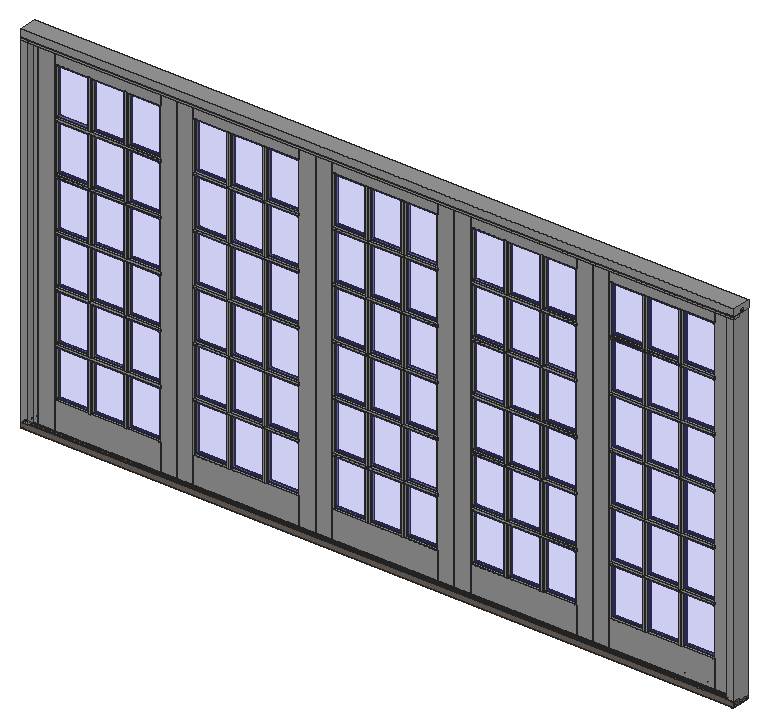
Revit family "VSFA 4190 SP LH", category Doors, host Wall, Revit 2015
Parameters (values of type "VSFA 4190 SP LH")
  Function = Interior
  Frame Projection Ext. = 25 mm
  Frame Projection Int. = 25 mm
  Frame Width = 75 mm
  Height = 2100 mm
  Wall Closure = By host
  Width = 4190 mm
Reference planes
  plane 1: y = 0
  plane 2 "Center (Left/Right)": x = 0
  plane 3 "Left": x = -2095
  plane 4 "Right": x = 2095
  plane 5: z = 2100
  plane 6 "Exterior": y = 75
  plane 7 "Interior": y = -75
  plane 8: x = -1206
  plane 9: x = 1236
  plane 10: x = -1205
  plane 11: x = -391
  plane 12: x = 422
  plane 13: x = -392
  plane 14: x = 423
  plane 15: x = 1237
Forms (mm)
  Extrusion 1, solid, material "Aluminium Cill (Bronze)"
    sketch origin (0, 79.18, -119.746) x (0, 1, 0) y (0, 0, 1)
      loop
        line (-26.68, 120.746) -> (-26.68, 135.746)
        arc (-26.68, 135.746) -> (-27.558, 137.867) -> (-29.68, 138.746) r 3
        line (-29.68, 138.746) -> (-40.947, 138.746)
        arc (-40.947, 138.746) -> (-42.68, 137.746) -> (-44.412, 138.746) r 2
        line (-44.412, 138.746) -> (-48.947, 138.746)
        arc (-48.947, 138.746) -> (-50.68, 137.746) -> (-52.412, 138.746) r 2
        line (-52.412, 138.746) -> (-56.947, 138.746)
        arc (-56.947, 138.746) -> (-58.68, 137.746) -> (-60.412, 138.746) r 2
        line (-60.412, 138.746) -> (-67.18, 138.746) -> (-67.18, 135.246)
        arc (-67.18, 135.246) -> (-67.619, 134.185) -> (-68.68, 133.746) r 1.5
        line (-68.68, 133.746) -> (-73.43, 133.746) -> (-73.43, 135.746) -> (-71.996, 135.746)
        arc (-71.996, 135.746) -> (-74.68, 138.746) -> (-77.363, 135.746) r 2.7
        line (-77.363, 135.746) -> (-75.93, 135.746) -> (-75.93, 133.746) -> (-80.68, 133.746)
        arc (-80.68, 133.746) -> (-81.74, 134.185) -> (-82.18, 135.246) r 1.5
        line (-82.18, 135.246) -> (-82.18, 138.746) -> (-90.432, 138.746) -> (-98.68, 138.746) -> (-98.68, 143.746)
        arc (-98.68, 143.746) -> (-99.18, 144.246) -> (-99.68, 143.746) r 0.5
        line (-99.68, 143.746) -> (-99.68, 142.734) -> (-100.88, 142.734) -> (-100.88, 150.246) -> (-99.68, 150.246) -> (-99.68, 149.246)
        arc (-99.68, 149.246) -> (-99.18, 148.746) -> (-98.68, 149.246) r 0.5
        line (-98.68, 149.246) -> (-98.68, 150.746)
        arc (-98.68, 150.746) -> (-98.972, 151.453) -> (-99.68, 151.746) r 1
        line (-99.68, 151.746) -> (-109.447, 151.746)
        arc (-109.447, 151.746) -> (-111.18, 150.746) -> (-112.912, 151.746) r 2
        line (-112.912, 151.746) -> (-117.447, 151.746)
        arc (-117.447, 151.746) -> (-119.18, 150.746) -> (-120.912, 151.746) r 2
        line (-120.912, 151.746) -> (-130.68, 151.746)
        arc (-130.68, 151.746) -> (-131.387, 151.453) -> (-131.68, 150.746) r 1
        line (-131.68, 150.746) -> (-131.68, 120.746)
        arc (-131.68, 120.746) -> (-131.387, 120.039) -> (-130.68, 119.746) r 1
        line (-130.68, 119.746) -> (-27.68, 119.746)
        arc (-27.68, 119.746) -> (-26.972, 120.039) -> (-26.68, 120.746) r 1
      loop
        line (-29.68, 137.246) -> (-40.23, 137.246)
        arc (-40.23, 137.246) -> (-42.68, 136.246) -> (-45.129, 137.246) r 3.5
        line (-45.129, 137.246) -> (-48.23, 137.246)
        arc (-48.23, 137.246) -> (-50.68, 136.246) -> (-53.129, 137.246) r 3.5
        line (-53.129, 137.246) -> (-56.23, 137.246)
        arc (-56.23, 137.246) -> (-58.68, 136.246) -> (-61.129, 137.246) r 3.5
        line (-61.129, 137.246) -> (-65.68, 137.246) -> (-65.68, 135.246)
        arc (-65.68, 135.246) -> (-66.558, 133.125) -> (-68.68, 132.246) r 3
        line (-68.68, 132.246) -> (-73.93, 132.246) -> (-73.93, 121.246) -> (-28.18, 121.246) -> (-28.18, 135.746)
        arc (-28.18, 135.746) -> (-28.619, 136.807) -> (-29.68, 137.246) r 1.5
      loop
        line (-75.43, 132.246) -> (-80.68, 132.246)
        arc (-80.68, 132.246) -> (-82.801, 133.125) -> (-83.68, 135.246) r 3
        line (-83.68, 135.246) -> (-83.68, 137.246) -> (-98.68, 137.246) -> (-98.68, 121.246) -> (-75.43, 121.246) -> (-75.43, 132.246)
      loop
        line (-100.18, 121.246) -> (-100.18, 141.246) -> (-102.38, 141.246) -> (-102.38, 150.246) -> (-108.73, 150.246)
        arc (-108.73, 150.246) -> (-111.18, 149.246) -> (-113.629, 150.246) r 3.5
        line (-113.629, 150.246) -> (-116.73, 150.246)
        arc (-116.73, 150.246) -> (-119.18, 149.246) -> (-121.629, 150.246) r 3.5
        line (-121.629, 150.246) -> (-130.18, 150.246) -> (-130.18, 121.246) -> (-100.18, 121.246)
    from -2095 to 2095
  Extrusion 2, solid, material "Lauan, Meranti"
    sketch origin (122.148, 0, 0) x (0, 1, 0) y (0, 0, -1)
      loop
        line (52.5, -2100) -> (52.5, -2055) -> (15.5, -2055) -> (15.5, -2075) -> (-6.5, -2075) -> (-6.5, -2055) -> (-52.5, -2055) -> (-52.5, -2100) -> (52.5, -2100)
    from -1972.852 to 2217.148
  Extrusion 3, solid, material "Lauan, Meranti"
    sketch origin (-2.986, 0, 0) x (0, 1, 0) y (0, 0, -1)
      loop
        line (-52.5, -2052) -> (-49.5, -2052) -> (-49.5, -2055) -> (-20.5, -2055) -> (-20.5, -2048.5) -> (-27.5, -2048.5) -> (-27.5, -2045.5) -> (-20.5, -2045.5) -> (-20.5, -2042) -> (-52.5, -2042) -> (-52.5, -2052)
    from -2097.986 to 2092.014
  Extrusion 4, solid, material "Steel, Chrome Plated"
    sketch origin (-129.456, -1.5, 0) x (0, 1, 0) y (0, 0, 1)
      loop
        line (16.5, 2075) -> (-4.5, 2075) -> (-4.5, 2055) -> (-2.3, 2055) -> (-2.3, 2072.8) -> (14.3, 2072.8) -> (14.3, 2055) -> (16.5, 2055) -> (16.5, 2075)
    from -1965.544 to 2224.456
  Extrusion 5, solid, material "Lauan, Meranti"
    sketch origin (1430, 0, 0) x (-1, 0, 0) y (0, -1, 0)
      loop
        line (-665, -52.5) -> (-632, -52.5) -> (-632, -24.5) -> (-620, -24.5) -> (-620, 52.5) -> (-665, 52.5) -> (-665, -52.5)
    from 32 to 2055
  Extrusion 6, solid, material "Lauan, Meranti"
    sketch origin (1430, 0, 0) x (-1, 0, 0) y (0, -1, 0)
      loop
        line (-665, -52.5) -> (-632, -52.5) -> (-632, -24.5) -> (-620, -24.5) -> (-620, 19.5) -> (-665, 19.5) -> (-665, -52.5)
    from 19 to 32
  Extrusion 7, solid, material "Lauan, Meranti"
    sketch origin (-1430, 0, 0) x (-1, 0, 0) y (0, -1, 0)
      loop
        line (665, 52.5) -> (620, 52.5) -> (620, 16.5) -> (665, 16.5) -> (665, 52.5)
      loop
        line (665, -52.5) -> (665, -25.5) -> (620, -25.5) -> (620, -52.5) -> (665, -52.5)
      loop
        line (590, -24.5) -> (635, -24.5) -> (635, -14.5) -> (610, -14.5) -> (610, 5.5) -> (635, 5.5) -> (635, 15.5) -> (590, 15.5) -> (590, -24.5)
    from 32 to 2055
  Extrusion 8, solid, material "Lauan, Meranti"
    sketch origin (-1430, 0, 0) x (-1, 0, 0) y (0, -1, 0)
      loop
        line (620, -52.5) -> (665, -52.5) -> (665, -25.5) -> (620, -25.5) -> (620, -52.5)
      loop
        line (635, -24.5) -> (635, -14.5) -> (610, -14.5) -> (610, 5.5) -> (635, 5.5) -> (635, 15.5) -> (590, 15.5) -> (590, -24.5) -> (635, -24.5)
    from 19 to 32
  Extrusion 9, solid, material "Lauan, Meranti"
    sketch origin (-711, 0, 0) x (-1, 0, 0) y (0, -1, 0)
      loop
        line (-1133, 15.5) -> (-1133, -24.5) -> (-1037, -24.5) -> (-1037, 5.5) -> (-1028, 5.5) -> (-1028, 7.5) -> (-1030, 7.5)
        arc (-1030, 7.5) -> (-1032.265, 11.94) -> (-1037, 13.5) r 6.549
        line (-1037, 13.5) -> (-1037, 15.5) -> (-1133, 15.5)
      loop
        line (-320, 15.5) -> (-416, 15.5) -> (-416, 13.5)
        arc (-416, 13.5) -> (-420.735, 11.94) -> (-423, 7.5) r 6.549
        line (-423, 7.5) -> (-425, 7.5) -> (-425, 5.5) -> (-416, 5.5) -> (-416, -24.5) -> (-320, -24.5) -> (-320, 15.5)
    from 19 to 2055
  Extrusion 10, solid, material "Lauan, Meranti"
    sketch origin (103, 0, 0) x (-1, 0, 0) y (0, -1, 0)
      loop
        line (-1133, 15.5) -> (-1133, -24.5) -> (-1037, -24.5) -> (-1037, 5.5) -> (-1028, 5.5) -> (-1028, 7.5) -> (-1030, 7.5)
        arc (-1030, 7.5) -> (-1032.265, 11.94) -> (-1037, 13.5) r 6.549
        line (-1037, 13.5) -> (-1037, 15.5) -> (-1133, 15.5)
      loop
        line (-320, 15.5) -> (-416, 15.5) -> (-416, 13.5)
        arc (-416, 13.5) -> (-420.735, 11.94) -> (-423, 7.5) r 6.549
        line (-423, 7.5) -> (-425, 7.5) -> (-425, 5.5) -> (-416, 5.5) -> (-416, -24.5) -> (-320, -24.5) -> (-320, 15.5)
    from 19 to 2055
  Extrusion 11, solid, material "Lauan, Meranti"
    sketch origin (-1525, 0, 0) x (-1, 0, 0) y (0, -1, 0)
      loop
        line (-1133, 15.5) -> (-1133, -24.5) -> (-1037, -24.5) -> (-1037, 5.5) -> (-1028, 5.5) -> (-1028, 7.5) -> (-1030, 7.5)
        arc (-1030, 7.5) -> (-1032.265, 11.94) -> (-1037, 13.5) r 6.549
        line (-1037, 13.5) -> (-1037, 15.5) -> (-1133, 15.5)
      loop
        line (-320, 15.5) -> (-416, 15.5) -> (-416, 13.5)
        arc (-416, 13.5) -> (-420.735, 11.94) -> (-423, 7.5) r 6.549
        line (-423, 7.5) -> (-425, 7.5) -> (-425, 5.5) -> (-416, 5.5) -> (-416, -24.5) -> (-320, -24.5) -> (-320, 15.5)
    from 19 to 2055
  Extrusion 12, solid, material "Lauan, Meranti"
    sketch origin (-2339, 0, 0) x (-1, 0, 0) y (0, -1, 0)
      loop
        line (-1133, 15.5) -> (-1133, -24.5) -> (-1037, -24.5) -> (-1037, 5.5) -> (-1028, 5.5) -> (-1028, 7.5) -> (-1030, 7.5)
        arc (-1030, 7.5) -> (-1032.265, 11.94) -> (-1037, 13.5) r 6.549
        line (-1037, 13.5) -> (-1037, 15.5) -> (-1133, 15.5)
      loop
        line (-320, 15.5) -> (-416, 15.5) -> (-416, 13.5)
        arc (-416, 13.5) -> (-420.735, 11.94) -> (-423, 7.5) r 6.549
        line (-423, 7.5) -> (-425, 7.5) -> (-425, 5.5) -> (-416, 5.5) -> (-416, -24.5) -> (-320, -24.5) -> (-320, 15.5)
    from 19 to 2055
  Extrusion 13, solid, material "Lauan, Meranti"
    sketch origin (917, 0, 0) x (-1, 0, 0) y (0, -1, 0)
      loop
        line (-1133, 15.5) -> (-1133, -24.5) -> (-1037, -24.5) -> (-1037, 5.5) -> (-1028, 5.5) -> (-1028, 7.5) -> (-1030, 7.5)
        arc (-1030, 7.5) -> (-1032.265, 11.94) -> (-1037, 13.5) r 6.549
        line (-1037, 13.5) -> (-1037, 15.5) -> (-1133, 15.5)
      loop
        line (-320, 15.5) -> (-416, 15.5) -> (-416, 13.5)
        arc (-416, 13.5) -> (-420.735, 11.94) -> (-423, 7.5) r 6.549
        line (-423, 7.5) -> (-425, 7.5) -> (-425, 5.5) -> (-416, 5.5) -> (-416, -24.5) -> (-320, -24.5) -> (-320, 15.5)
    from 19 to 2055
  Extrusion 14, solid, material "Lauan, Meranti"
    sketch origin (-1471.235, 0, 0) x (0, 1, 0) y (0, 0, -1)
      loop
        line (-15.5, -190) -> (-13.5, -190)
        arc (-13.5, -190) -> (-11.866, -194.67) -> (-7.5, -197) r 6.807
        line (-7.5, -197) -> (-7.5, -199) -> (-5.5, -199) -> (-5.5, -190) -> (24.5, -190) -> (24.5, -19) -> (-15.5, -19) -> (-15.5, -190)
      loop
        arc (-7.5, -1952) -> (-11.866, -1954.33) -> (-13.5, -1959) r 6.807
        line (-13.5, -1959) -> (-15.5, -1959) -> (-15.5, -2055) -> (24.5, -2055) -> (24.5, -1959) -> (-5.5, -1959) -> (-5.5, -1950) -> (-7.5, -1950) -> (-7.5, -1952)
      loop
        line (-15.5, -1675) -> (-13.5, -1675)
        arc (-13.5, -1675) -> (-11.866, -1679.67) -> (-7.5, -1682) r 6.807
        line (-7.5, -1682) -> (-7.5, -1684) -> (-5.5, -1684) -> (-5.5, -1675) -> (24.5, -1675) -> (24.5, -1662) -> (-5.5, -1662) -> (-5.5, -1653) -> (-7.5, -1653) -> (-7.5, -1655)
        arc (-7.5, -1655) -> (-11.866, -1657.33) -> (-13.5, -1662) r 6.807
        line (-13.5, -1662) -> (-15.5, -1662) -> (-15.5, -1675)
      loop
        line (-15.5, -1378) -> (-13.5, -1378)
        arc (-13.5, -1378) -> (-11.866, -1382.67) -> (-7.5, -1385) r 6.807
        line (-7.5, -1385) -> (-7.5, -1387) -> (-5.5, -1387) -> (-5.5, -1378) -> (24.5, -1378) -> (24.5, -1365) -> (-5.5, -1365) -> (-5.5, -1356) -> (-7.5, -1356) -> (-7.5, -1358)
        arc (-7.5, -1358) -> (-11.866, -1360.33) -> (-13.5, -1365) r 6.807
        line (-13.5, -1365) -> (-15.5, -1365) -> (-15.5, -1378)
      loop
        line (-15.5, -1081) -> (-13.5, -1081)
        arc (-13.5, -1081) -> (-11.866, -1085.67) -> (-7.5, -1088) r 6.807
        line (-7.5, -1088) -> (-7.5, -1090) -> (-5.5, -1090) -> (-5.5, -1081) -> (24.5, -1081) -> (24.5, -1068) -> (-5.5, -1068) -> (-5.5, -1059) -> (-7.5, -1059) -> (-7.5, -1061)
        arc (-7.5, -1061) -> (-11.866, -1063.33) -> (-13.5, -1068) r 6.807
        line (-13.5, -1068) -> (-15.5, -1068) -> (-15.5, -1081)
      loop
        line (-15.5, -784) -> (-13.5, -784)
        arc (-13.5, -784) -> (-11.866, -788.67) -> (-7.5, -791) r 6.807
        line (-7.5, -791) -> (-7.5, -793) -> (-5.5, -793) -> (-5.5, -784) -> (24.5, -784) -> (24.5, -771) -> (-5.5, -771) -> (-5.5, -762) -> (-7.5, -762) -> (-7.5, -764)
        arc (-7.5, -764) -> (-11.866, -766.33) -> (-13.5, -771) r 6.807
        line (-13.5, -771) -> (-15.5, -771) -> (-15.5, -784)
      loop
        line (-15.5, -487) -> (-13.5, -487)
        arc (-13.5, -487) -> (-11.866, -491.67) -> (-7.5, -494) r 6.807
        line (-7.5, -494) -> (-7.5, -496) -> (-5.5, -496) -> (-5.5, -487) -> (24.5, -487) -> (24.5, -474) -> (-5.5, -474) -> (-5.5, -465) -> (-7.5, -465) -> (-7.5, -467)
        arc (-7.5, -467) -> (-11.866, -469.33) -> (-13.5, -474) r 6.807
        line (-13.5, -474) -> (-15.5, -474) -> (-15.5, -487)
    from -169.235 to 451.765
  Extrusion 15, solid, material "Glass"
    sketch origin (-1447.808, -110.55, -763.769) x (-1, 0, 0) y (0, 0, -1)
      loop
        line (-145.808, -2722.769) -> (52.532, -2722.769) -> (52.532, -2438.757) -> (-145.808, -2438.757) -> (-145.808, -2722.769)
      loop
        line (65.532, -2722.769) -> (263.872, -2722.769) -> (263.872, -2438.757) -> (65.532, -2438.757) -> (65.532, -2722.769)
      loop
        line (276.872, -2722.769) -> (475.212, -2722.769) -> (475.212, -2438.757) -> (276.872, -2438.757) -> (276.872, -2722.769)
      loop
        line (-145.808, -2425.769) -> (52.532, -2425.769) -> (52.532, -2141.757) -> (-145.808, -2141.757) -> (-145.808, -2425.769)
      loop
        line (65.532, -2425.769) -> (263.872, -2425.769) -> (263.872, -2141.757) -> (65.532, -2141.757) -> (65.532, -2425.769)
      loop
        line (276.872, -2425.769) -> (475.212, -2425.769) -> (475.212, -2141.757) -> (276.872, -2141.757) -> (276.872, -2425.769)
      loop
        line (-145.808, -2128.769) -> (52.532, -2128.769) -> (52.532, -1844.757) -> (-145.808, -1844.757) -> (-145.808, -2128.769)
      loop
        line (65.532, -2128.769) -> (263.872, -2128.769) -> (263.872, -1844.757) -> (65.532, -1844.757) -> (65.532, -2128.769)
      loop
        line (276.872, -2128.769) -> (475.212, -2128.769) -> (475.212, -1844.757) -> (276.872, -1844.757) -> (276.872, -2128.769)
      loop
        line (-145.808, -1831.769) -> (52.532, -1831.769) -> (52.532, -1547.757) -> (-145.808, -1547.757) -> (-145.808, -1831.769)
      loop
        line (65.532, -1831.769) -> (263.872, -1831.769) -> (263.872, -1547.757) -> (65.532, -1547.757) -> (65.532, -1831.769)
      loop
        line (276.872, -1831.769) -> (475.212, -1831.769) -> (475.212, -1547.757) -> (276.872, -1547.757) -> (276.872, -1831.769)
      loop
        line (-145.808, -1534.769) -> (52.532, -1534.769) -> (52.532, -1250.757) -> (-145.808, -1250.757) -> (-145.808, -1534.769)
      loop
        line (65.532, -1534.769) -> (263.872, -1534.769) -> (263.872, -1250.757) -> (65.532, -1250.757) -> (65.532, -1534.769)
      loop
        line (276.872, -1534.769) -> (475.212, -1534.769) -> (475.212, -1250.757) -> (276.872, -1250.757) -> (276.872, -1534.769)
      loop
        line (-145.808, -1237.769) -> (52.532, -1237.769) -> (52.532, -953.757) -> (-145.808, -953.757) -> (-145.808, -1237.769)
      loop
        line (65.532, -1237.769) -> (263.872, -1237.769) -> (263.872, -953.757) -> (65.532, -953.757) -> (65.532, -1237.769)
      loop
        line (276.872, -1237.769) -> (475.212, -1237.769) -> (475.212, -953.757) -> (276.872, -953.757) -> (276.872, -1237.769)
    from -112.5 to -106.1
  Extrusion 16, solid, material "Lauan, Meranti"
    sketch origin (-916, 0, 1484.988) x (-1, 0, 0) y (0, -1, 0)
      loop
        line (597.34, 15.5) -> (584.34, 15.5) -> (584.34, 13.5)
        arc (584.34, 13.5) -> (579.67, 11.866) -> (577.34, 7.5) r 6.807
        line (577.34, 7.5) -> (575.34, 7.5) -> (575.34, 5.5) -> (584.34, 5.5) -> (584.34, -24.5) -> (597.34, -24.5) -> (597.34, 5.5) -> (606.34, 5.5) -> (606.34, 7.5) -> (604.34, 7.5)
        arc (604.34, 7.5) -> (602.01, 11.866) -> (597.34, 13.5) r 6.807
        line (597.34, 13.5) -> (597.34, 15.5)
      loop
        line (808.68, 15.5) -> (795.68, 15.5) -> (795.68, 13.5)
        arc (795.68, 13.5) -> (791.01, 11.866) -> (788.68, 7.5) r 6.807
        line (788.68, 7.5) -> (786.68, 7.5) -> (786.68, 5.5) -> (795.68, 5.5) -> (795.68, -24.5) -> (808.68, -24.5) -> (808.68, 5.5) -> (817.68, 5.5) -> (817.68, 7.5) -> (815.68, 7.5)
        arc (815.68, 7.5) -> (813.35, 11.866) -> (808.68, 13.5) r 6.807
        line (808.68, 13.5) -> (808.68, 15.5)
    from 190 to 474
  Sweep 17, solid, material "Lauan, Meranti"
    path origin (-963.388, -75, 232.716) x (-1, 0, 0) y (0, 0, -1)
      loop
        line (338.612, -1726.284) -> (536.952, -1726.284) -> (536.952, -1442.272) -> (338.612, -1442.272) -> (338.612, -1726.284)
    profile origin (-1401.17, -75, 1959) x (0, 0, -1) y (0, -1, 0)
      loop
        line (9, -78) -> (0, -78) -> (0, -86)
        arc (0, -86) -> (4.67, -84.366) -> (7, -80) r 6.807
        line (7, -80) -> (9, -80) -> (9, -78)
  Sweep 18, solid, material "Lauan, Meranti"
    path origin (-1174.728, -75, 232.716) x (-1, 0, 0) y (0, 0, -1)
      loop
        line (338.612, -1726.284) -> (536.952, -1726.284) -> (536.952, -1442.272) -> (338.612, -1442.272) -> (338.612, -1726.284)
    profile origin (-1612.51, -75, 1959) x (0, 0, -1) y (0, -1, 0)
      loop
        line (9, -78) -> (0, -78) -> (0, -86)
        arc (0, -86) -> (4.67, -84.366) -> (7, -80) r 6.807
        line (7, -80) -> (9, -80) -> (9, -78)
  Sweep 19, solid, material "Lauan, Meranti"
    path origin (-1386.068, -75, 232.716) x (-1, 0, 0) y (0, 0, -1)
      loop
        line (338.612, -1726.284) -> (536.952, -1726.284) -> (536.952, -1442.272) -> (338.612, -1442.272) -> (338.612, -1726.284)
    profile origin (-1823.85, -75, 1959) x (0, 0, -1) y (0, -1, 0)
      loop
        line (9, -78) -> (0, -78) -> (0, -86)
        arc (0, -86) -> (4.67, -84.366) -> (7, -80) r 6.807
        line (7, -80) -> (9, -80) -> (9, -78)
  Extrusion 20, solid, material "Lauan, Meranti"
    sketch origin (-916, 0, 1187.988) x (-1, 0, 0) y (0, -1, 0)
      loop
        line (597.34, 15.5) -> (584.34, 15.5) -> (584.34, 13.5)
        arc (584.34, 13.5) -> (579.67, 11.866) -> (577.34, 7.5) r 6.807
        line (577.34, 7.5) -> (575.34, 7.5) -> (575.34, 5.5) -> (584.34, 5.5) -> (584.34, -24.5) -> (597.34, -24.5) -> (597.34, 5.5) -> (606.34, 5.5) -> (606.34, 7.5) -> (604.34, 7.5)
        arc (604.34, 7.5) -> (602.01, 11.866) -> (597.34, 13.5) r 6.807
        line (597.34, 13.5) -> (597.34, 15.5)
      loop
        line (808.68, 15.5) -> (795.68, 15.5) -> (795.68, 13.5)
        arc (795.68, 13.5) -> (791.01, 11.866) -> (788.68, 7.5) r 6.807
        line (788.68, 7.5) -> (786.68, 7.5) -> (786.68, 5.5) -> (795.68, 5.5) -> (795.68, -24.5) -> (808.68, -24.5) -> (808.68, 5.5) -> (817.68, 5.5) -> (817.68, 7.5) -> (815.68, 7.5)
        arc (815.68, 7.5) -> (813.35, 11.866) -> (808.68, 13.5) r 6.807
        line (808.68, 13.5) -> (808.68, 15.5)
    from 190 to 474
  Sweep 21, solid, material "Lauan, Meranti"
    path origin (-963.388, -75, -64.284) x (-1, 0, 0) y (0, 0, -1)
      loop
        line (338.612, -1726.284) -> (536.952, -1726.284) -> (536.952, -1442.272) -> (338.612, -1442.272) -> (338.612, -1726.284)
    profile origin (-1401.17, -75, 1662) x (0, 0, -1) y (0, -1, 0)
      loop
        line (9, -78) -> (0, -78) -> (0, -86)
        arc (0, -86) -> (4.67, -84.366) -> (7, -80) r 6.807
        line (7, -80) -> (9, -80) -> (9, -78)
  Sweep 22, solid, material "Lauan, Meranti"
    path origin (-1174.728, -75, -64.284) x (-1, 0, 0) y (0, 0, -1)
      loop
        line (338.612, -1726.284) -> (536.952, -1726.284) -> (536.952, -1442.272) -> (338.612, -1442.272) -> (338.612, -1726.284)
    profile origin (-1612.51, -75, 1662) x (0, 0, -1) y (0, -1, 0)
      loop
        line (9, -78) -> (0, -78) -> (0, -86)
        arc (0, -86) -> (4.67, -84.366) -> (7, -80) r 6.807
        line (7, -80) -> (9, -80) -> (9, -78)
  Sweep 23, solid, material "Lauan, Meranti"
    path origin (-1386.068, -75, -64.284) x (-1, 0, 0) y (0, 0, -1)
      loop
        line (338.612, -1726.284) -> (536.952, -1726.284) -> (536.952, -1442.272) -> (338.612, -1442.272) -> (338.612, -1726.284)
    profile origin (-1823.85, -75, 1662) x (0, 0, -1) y (0, -1, 0)
      loop
        line (9, -78) -> (0, -78) -> (0, -86)
        arc (0, -86) -> (4.67, -84.366) -> (7, -80) r 6.807
        line (7, -80) -> (9, -80) -> (9, -78)
  Extrusion 24, solid, material "Lauan, Meranti"
    sketch origin (-916, 0, 890.988) x (-1, 0, 0) y (0, -1, 0)
      loop
        line (597.34, 15.5) -> (584.34, 15.5) -> (584.34, 13.5)
        arc (584.34, 13.5) -> (579.67, 11.866) -> (577.34, 7.5) r 6.807
        line (577.34, 7.5) -> (575.34, 7.5) -> (575.34, 5.5) -> (584.34, 5.5) -> (584.34, -24.5) -> (597.34, -24.5) -> (597.34, 5.5) -> (606.34, 5.5) -> (606.34, 7.5) -> (604.34, 7.5)
        arc (604.34, 7.5) -> (602.01, 11.866) -> (597.34, 13.5) r 6.807
        line (597.34, 13.5) -> (597.34, 15.5)
      loop
        line (808.68, 15.5) -> (795.68, 15.5) -> (795.68, 13.5)
        arc (795.68, 13.5) -> (791.01, 11.866) -> (788.68, 7.5) r 6.807
        line (788.68, 7.5) -> (786.68, 7.5) -> (786.68, 5.5) -> (795.68, 5.5) -> (795.68, -24.5) -> (808.68, -24.5) -> (808.68, 5.5) -> (817.68, 5.5) -> (817.68, 7.5) -> (815.68, 7.5)
        arc (815.68, 7.5) -> (813.35, 11.866) -> (808.68, 13.5) r 6.807
        line (808.68, 13.5) -> (808.68, 15.5)
    from 190 to 474
  Sweep 25, solid, material "Lauan, Meranti"
    path origin (-963.388, -75, -361.284) x (-1, 0, 0) y (0, 0, -1)
      loop
        line (338.612, -1726.284) -> (536.952, -1726.284) -> (536.952, -1442.272) -> (338.612, -1442.272) -> (338.612, -1726.284)
    profile origin (-1401.17, -75, 1365) x (0, 0, -1) y (0, -1, 0)
      loop
        line (9, -78) -> (0, -78) -> (0, -86)
        arc (0, -86) -> (4.67, -84.366) -> (7, -80) r 6.807
        line (7, -80) -> (9, -80) -> (9, -78)
  Sweep 26, solid, material "Lauan, Meranti"
    path origin (-1174.728, -75, -361.284) x (-1, 0, 0) y (0, 0, -1)
      loop
        line (338.612, -1726.284) -> (536.952, -1726.284) -> (536.952, -1442.272) -> (338.612, -1442.272) -> (338.612, -1726.284)
    profile origin (-1612.51, -75, 1365) x (0, 0, -1) y (0, -1, 0)
      loop
        line (9, -78) -> (0, -78) -> (0, -86)
        arc (0, -86) -> (4.67, -84.366) -> (7, -80) r 6.807
        line (7, -80) -> (9, -80) -> (9, -78)
  Sweep 27, solid, material "Lauan, Meranti"
    path origin (-1386.068, -75, -361.284) x (-1, 0, 0) y (0, 0, -1)
      loop
        line (338.612, -1726.284) -> (536.952, -1726.284) -> (536.952, -1442.272) -> (338.612, -1442.272) -> (338.612, -1726.284)
    profile origin (-1823.85, -75, 1365) x (0, 0, -1) y (0, -1, 0)
      loop
        line (9, -78) -> (0, -78) -> (0, -86)
        arc (0, -86) -> (4.67, -84.366) -> (7, -80) r 6.807
        line (7, -80) -> (9, -80) -> (9, -78)
  Extrusion 28, solid, material "Lauan, Meranti"
    sketch origin (-916, 0, 593.988) x (-1, 0, 0) y (0, -1, 0)
      loop
        line (597.34, 15.5) -> (584.34, 15.5) -> (584.34, 13.5)
        arc (584.34, 13.5) -> (579.67, 11.866) -> (577.34, 7.5) r 6.807
        line (577.34, 7.5) -> (575.34, 7.5) -> (575.34, 5.5) -> (584.34, 5.5) -> (584.34, -24.5) -> (597.34, -24.5) -> (597.34, 5.5) -> (606.34, 5.5) -> (606.34, 7.5) -> (604.34, 7.5)
        arc (604.34, 7.5) -> (602.01, 11.866) -> (597.34, 13.5) r 6.807
        line (597.34, 13.5) -> (597.34, 15.5)
      loop
        line (808.68, 15.5) -> (795.68, 15.5) -> (795.68, 13.5)
        arc (795.68, 13.5) -> (791.01, 11.866) -> (788.68, 7.5) r 6.807
        line (788.68, 7.5) -> (786.68, 7.5) -> (786.68, 5.5) -> (795.68, 5.5) -> (795.68, -24.5) -> (808.68, -24.5) -> (808.68, 5.5) -> (817.68, 5.5) -> (817.68, 7.5) -> (815.68, 7.5)
        arc (815.68, 7.5) -> (813.35, 11.866) -> (808.68, 13.5) r 6.807
        line (808.68, 13.5) -> (808.68, 15.5)
    from 190 to 474
  Sweep 29, solid, material "Lauan, Meranti"
    path origin (-963.388, -75, -658.284) x (-1, 0, 0) y (0, 0, -1)
      loop
        line (338.612, -1726.284) -> (536.952, -1726.284) -> (536.952, -1442.272) -> (338.612, -1442.272) -> (338.612, -1726.284)
    profile origin (-1401.17, -75, 1068) x (0, 0, -1) y (0, -1, 0)
      loop
        line (9, -78) -> (0, -78) -> (0, -86)
        arc (0, -86) -> (4.67, -84.366) -> (7, -80) r 6.807
        line (7, -80) -> (9, -80) -> (9, -78)
  Sweep 30, solid, material "Lauan, Meranti"
    path origin (-1174.728, -75, -658.284) x (-1, 0, 0) y (0, 0, -1)
      loop
        line (338.612, -1726.284) -> (536.952, -1726.284) -> (536.952, -1442.272) -> (338.612, -1442.272) -> (338.612, -1726.284)
    profile origin (-1612.51, -75, 1068) x (0, 0, -1) y (0, -1, 0)
      loop
        line (9, -78) -> (0, -78) -> (0, -86)
        arc (0, -86) -> (4.67, -84.366) -> (7, -80) r 6.807
        line (7, -80) -> (9, -80) -> (9, -78)
  Sweep 31, solid, material "Lauan, Meranti"
    path origin (-1386.068, -75, -658.284) x (-1, 0, 0) y (0, 0, -1)
      loop
        line (338.612, -1726.284) -> (536.952, -1726.284) -> (536.952, -1442.272) -> (338.612, -1442.272) -> (338.612, -1726.284)
    profile origin (-1823.85, -75, 1068) x (0, 0, -1) y (0, -1, 0)
      loop
        line (9, -78) -> (0, -78) -> (0, -86)
        arc (0, -86) -> (4.67, -84.366) -> (7, -80) r 6.807
        line (7, -80) -> (9, -80) -> (9, -78)
  Extrusion 32, solid, material "Lauan, Meranti"
    sketch origin (-916, 0, 296.988) x (-1, 0, 0) y (0, -1, 0)
      loop
        line (597.34, 15.5) -> (584.34, 15.5) -> (584.34, 13.5)
        arc (584.34, 13.5) -> (579.67, 11.866) -> (577.34, 7.5) r 6.807
        line (577.34, 7.5) -> (575.34, 7.5) -> (575.34, 5.5) -> (584.34, 5.5) -> (584.34, -24.5) -> (597.34, -24.5) -> (597.34, 5.5) -> (606.34, 5.5) -> (606.34, 7.5) -> (604.34, 7.5)
        arc (604.34, 7.5) -> (602.01, 11.866) -> (597.34, 13.5) r 6.807
        line (597.34, 13.5) -> (597.34, 15.5)
      loop
        line (808.68, 15.5) -> (795.68, 15.5) -> (795.68, 13.5)
        arc (795.68, 13.5) -> (791.01, 11.866) -> (788.68, 7.5) r 6.807
        line (788.68, 7.5) -> (786.68, 7.5) -> (786.68, 5.5) -> (795.68, 5.5) -> (795.68, -24.5) -> (808.68, -24.5) -> (808.68, 5.5) -> (817.68, 5.5) -> (817.68, 7.5) -> (815.68, 7.5)
        arc (815.68, 7.5) -> (813.35, 11.866) -> (808.68, 13.5) r 6.807
        line (808.68, 13.5) -> (808.68, 15.5)
    from 190 to 474
  Sweep 33, solid, material "Lauan, Meranti"
    path origin (-963.388, -75, -955.284) x (-1, 0, 0) y (0, 0, -1)
      loop
        line (338.612, -1726.284) -> (536.952, -1726.284) -> (536.952, -1442.272) -> (338.612, -1442.272) -> (338.612, -1726.284)
    profile origin (-1401.17, -75, 771) x (0, 0, -1) y (0, -1, 0)
      loop
        line (9, -78) -> (0, -78) -> (0, -86)
        arc (0, -86) -> (4.67, -84.366) -> (7, -80) r 6.807
        line (7, -80) -> (9, -80) -> (9, -78)
  Sweep 34, solid, material "Lauan, Meranti"
    path origin (-1174.728, -75, -955.284) x (-1, 0, 0) y (0, 0, -1)
      loop
        line (338.612, -1726.284) -> (536.952, -1726.284) -> (536.952, -1442.272) -> (338.612, -1442.272) -> (338.612, -1726.284)
    profile origin (-1612.51, -75, 771) x (0, 0, -1) y (0, -1, 0)
      loop
        line (9, -78) -> (0, -78) -> (0, -86)
        arc (0, -86) -> (4.67, -84.366) -> (7, -80) r 6.807
        line (7, -80) -> (9, -80) -> (9, -78)
  Sweep 35, solid, material "Lauan, Meranti"
    path origin (-1386.068, -75, -955.284) x (-1, 0, 0) y (0, 0, -1)
      loop
        line (338.612, -1726.284) -> (536.952, -1726.284) -> (536.952, -1442.272) -> (338.612, -1442.272) -> (338.612, -1726.284)
    profile origin (-1823.85, -75, 771) x (0, 0, -1) y (0, -1, 0)
      loop
        line (9, -78) -> (0, -78) -> (0, -86)
        arc (0, -86) -> (4.67, -84.366) -> (7, -80) r 6.807
        line (7, -80) -> (9, -80) -> (9, -78)
  Extrusion 36, solid, material "Lauan, Meranti"
    sketch origin (-657.235, 0, 0) x (0, 1, 0) y (0, 0, -1)
      loop
        line (-15.5, -190) -> (-13.5, -190)
        arc (-13.5, -190) -> (-11.866, -194.67) -> (-7.5, -197) r 6.807
        line (-7.5, -197) -> (-7.5, -199) -> (-5.5, -199) -> (-5.5, -190) -> (24.5, -190) -> (24.5, -19) -> (-15.5, -19) -> (-15.5, -190)
      loop
        arc (-7.5, -1952) -> (-11.866, -1954.33) -> (-13.5, -1959) r 6.807
        line (-13.5, -1959) -> (-15.5, -1959) -> (-15.5, -2055) -> (24.5, -2055) -> (24.5, -1959) -> (-5.5, -1959) -> (-5.5, -1950) -> (-7.5, -1950) -> (-7.5, -1952)
      loop
        line (-15.5, -1675) -> (-13.5, -1675)
        arc (-13.5, -1675) -> (-11.866, -1679.67) -> (-7.5, -1682) r 6.807
        line (-7.5, -1682) -> (-7.5, -1684) -> (-5.5, -1684) -> (-5.5, -1675) -> (24.5, -1675) -> (24.5, -1662) -> (-5.5, -1662) -> (-5.5, -1653) -> (-7.5, -1653) -> (-7.5, -1655)
        arc (-7.5, -1655) -> (-11.866, -1657.33) -> (-13.5, -1662) r 6.807
        line (-13.5, -1662) -> (-15.5, -1662) -> (-15.5, -1675)
      loop
        line (-15.5, -1378) -> (-13.5, -1378)
        arc (-13.5, -1378) -> (-11.866, -1382.67) -> (-7.5, -1385) r 6.807
        line (-7.5, -1385) -> (-7.5, -1387) -> (-5.5, -1387) -> (-5.5, -1378) -> (24.5, -1378) -> (24.5, -1365) -> (-5.5, -1365) -> (-5.5, -1356) -> (-7.5, -1356) -> (-7.5, -1358)
        arc (-7.5, -1358) -> (-11.866, -1360.33) -> (-13.5, -1365) r 6.807
        line (-13.5, -1365) -> (-15.5, -1365) -> (-15.5, -1378)
      loop
        line (-15.5, -1081) -> (-13.5, -1081)
        arc (-13.5, -1081) -> (-11.866, -1085.67) -> (-7.5, -1088) r 6.807
        line (-7.5, -1088) -> (-7.5, -1090) -> (-5.5, -1090) -> (-5.5, -1081) -> (24.5, -1081) -> (24.5, -1068) -> (-5.5, -1068) -> (-5.5, -1059) -> (-7.5, -1059) -> (-7.5, -1061)
        arc (-7.5, -1061) -> (-11.866, -1063.33) -> (-13.5, -1068) r 6.807
        line (-13.5, -1068) -> (-15.5, -1068) -> (-15.5, -1081)
      loop
        line (-15.5, -784) -> (-13.5, -784)
        arc (-13.5, -784) -> (-11.866, -788.67) -> (-7.5, -791) r 6.807
        line (-7.5, -791) -> (-7.5, -793) -> (-5.5, -793) -> (-5.5, -784) -> (24.5, -784) -> (24.5, -771) -> (-5.5, -771) -> (-5.5, -762) -> (-7.5, -762) -> (-7.5, -764)
        arc (-7.5, -764) -> (-11.866, -766.33) -> (-13.5, -771) r 6.807
        line (-13.5, -771) -> (-15.5, -771) -> (-15.5, -784)
      loop
        line (-15.5, -487) -> (-13.5, -487)
        arc (-13.5, -487) -> (-11.866, -491.67) -> (-7.5, -494) r 6.807
        line (-7.5, -494) -> (-7.5, -496) -> (-5.5, -496) -> (-5.5, -487) -> (24.5, -487) -> (24.5, -474) -> (-5.5, -474) -> (-5.5, -465) -> (-7.5, -465) -> (-7.5, -467)
        arc (-7.5, -467) -> (-11.866, -469.33) -> (-13.5, -474) r 6.807
        line (-13.5, -474) -> (-15.5, -474) -> (-15.5, -487)
    from -169.235 to 451.765
  Extrusion 37, solid, material "Glass"
    sketch origin (-633.808, -110.55, -763.769) x (-1, 0, 0) y (0, 0, -1)
      loop
        line (-145.808, -2722.769) -> (52.532, -2722.769) -> (52.532, -2438.757) -> (-145.808, -2438.757) -> (-145.808, -2722.769)
      loop
        line (65.532, -2722.769) -> (263.872, -2722.769) -> (263.872, -2438.757) -> (65.532, -2438.757) -> (65.532, -2722.769)
      loop
        line (276.872, -2722.769) -> (475.212, -2722.769) -> (475.212, -2438.757) -> (276.872, -2438.757) -> (276.872, -2722.769)
      loop
        line (-145.808, -2425.769) -> (52.532, -2425.769) -> (52.532, -2141.757) -> (-145.808, -2141.757) -> (-145.808, -2425.769)
      loop
        line (65.532, -2425.769) -> (263.872, -2425.769) -> (263.872, -2141.757) -> (65.532, -2141.757) -> (65.532, -2425.769)
      loop
        line (276.872, -2425.769) -> (475.212, -2425.769) -> (475.212, -2141.757) -> (276.872, -2141.757) -> (276.872, -2425.769)
      loop
        line (-145.808, -2128.769) -> (52.532, -2128.769) -> (52.532, -1844.757) -> (-145.808, -1844.757) -> (-145.808, -2128.769)
      loop
        line (65.532, -2128.769) -> (263.872, -2128.769) -> (263.872, -1844.757) -> (65.532, -1844.757) -> (65.532, -2128.769)
      loop
        line (276.872, -2128.769) -> (475.212, -2128.769) -> (475.212, -1844.757) -> (276.872, -1844.757) -> (276.872, -2128.769)
      loop
        line (-145.808, -1831.769) -> (52.532, -1831.769) -> (52.532, -1547.757) -> (-145.808, -1547.757) -> (-145.808, -1831.769)
      loop
        line (65.532, -1831.769) -> (263.872, -1831.769) -> (263.872, -1547.757) -> (65.532, -1547.757) -> (65.532, -1831.769)
      loop
        line (276.872, -1831.769) -> (475.212, -1831.769) -> (475.212, -1547.757) -> (276.872, -1547.757) -> (276.872, -1831.769)
      loop
        line (-145.808, -1534.769) -> (52.532, -1534.769) -> (52.532, -1250.757) -> (-145.808, -1250.757) -> (-145.808, -1534.769)
      loop
        line (65.532, -1534.769) -> (263.872, -1534.769) -> (263.872, -1250.757) -> (65.532, -1250.757) -> (65.532, -1534.769)
      loop
        line (276.872, -1534.769) -> (475.212, -1534.769) -> (475.212, -1250.757) -> (276.872, -1250.757) -> (276.872, -1534.769)
      loop
        line (-145.808, -1237.769) -> (52.532, -1237.769) -> (52.532, -953.757) -> (-145.808, -953.757) -> (-145.808, -1237.769)
      loop
        line (65.532, -1237.769) -> (263.872, -1237.769) -> (263.872, -953.757) -> (65.532, -953.757) -> (65.532, -1237.769)
      loop
        line (276.872, -1237.769) -> (475.212, -1237.769) -> (475.212, -953.757) -> (276.872, -953.757) -> (276.872, -1237.769)
    from -112.5 to -106.1
  Extrusion 38, solid, material "Lauan, Meranti"
    sketch origin (-102, 0, 1484.988) x (-1, 0, 0) y (0, -1, 0)
      loop
        line (597.34, 15.5) -> (584.34, 15.5) -> (584.34, 13.5)
        arc (584.34, 13.5) -> (579.67, 11.866) -> (577.34, 7.5) r 6.807
        line (577.34, 7.5) -> (575.34, 7.5) -> (575.34, 5.5) -> (584.34, 5.5) -> (584.34, -24.5) -> (597.34, -24.5) -> (597.34, 5.5) -> (606.34, 5.5) -> (606.34, 7.5) -> (604.34, 7.5)
        arc (604.34, 7.5) -> (602.01, 11.866) -> (597.34, 13.5) r 6.807
        line (597.34, 13.5) -> (597.34, 15.5)
      loop
        line (808.68, 15.5) -> (795.68, 15.5) -> (795.68, 13.5)
        arc (795.68, 13.5) -> (791.01, 11.866) -> (788.68, 7.5) r 6.807
        line (788.68, 7.5) -> (786.68, 7.5) -> (786.68, 5.5) -> (795.68, 5.5) -> (795.68, -24.5) -> (808.68, -24.5) -> (808.68, 5.5) -> (817.68, 5.5) -> (817.68, 7.5) -> (815.68, 7.5)
        arc (815.68, 7.5) -> (813.35, 11.866) -> (808.68, 13.5) r 6.807
        line (808.68, 13.5) -> (808.68, 15.5)
    from 190 to 474
  Sweep 39, solid, material "Lauan, Meranti"
    path origin (-149.388, -75, 232.716) x (-1, 0, 0) y (0, 0, -1)
      loop
        line (338.612, -1726.284) -> (536.952, -1726.284) -> (536.952, -1442.272) -> (338.612, -1442.272) -> (338.612, -1726.284)
    profile origin (-587.17, -75, 1959) x (0, 0, -1) y (0, -1, 0)
      loop
        line (9, -78) -> (0, -78) -> (0, -86)
        arc (0, -86) -> (4.67, -84.366) -> (7, -80) r 6.807
        line (7, -80) -> (9, -80) -> (9, -78)
  Sweep 40, solid, material "Lauan, Meranti"
    path origin (-360.728, -75, 232.716) x (-1, 0, 0) y (0, 0, -1)
      loop
        line (338.612, -1726.284) -> (536.952, -1726.284) -> (536.952, -1442.272) -> (338.612, -1442.272) -> (338.612, -1726.284)
    profile origin (-798.51, -75, 1959) x (0, 0, -1) y (0, -1, 0)
      loop
        line (9, -78) -> (0, -78) -> (0, -86)
        arc (0, -86) -> (4.67, -84.366) -> (7, -80) r 6.807
        line (7, -80) -> (9, -80) -> (9, -78)
  Sweep 41, solid, material "Lauan, Meranti"
    path origin (-572.068, -75, 232.716) x (-1, 0, 0) y (0, 0, -1)
      loop
        line (338.612, -1726.284) -> (536.952, -1726.284) -> (536.952, -1442.272) -> (338.612, -1442.272) -> (338.612, -1726.284)
    profile origin (-1009.85, -75, 1959) x (0, 0, -1) y (0, -1, 0)
      loop
        line (9, -78) -> (0, -78) -> (0, -86)
        arc (0, -86) -> (4.67, -84.366) -> (7, -80) r 6.807
        line (7, -80) -> (9, -80) -> (9, -78)
  Extrusion 42, solid, material "Lauan, Meranti"
    sketch origin (-102, 0, 1187.988) x (-1, 0, 0) y (0, -1, 0)
      loop
        line (597.34, 15.5) -> (584.34, 15.5) -> (584.34, 13.5)
        arc (584.34, 13.5) -> (579.67, 11.866) -> (577.34, 7.5) r 6.807
        line (577.34, 7.5) -> (575.34, 7.5) -> (575.34, 5.5) -> (584.34, 5.5) -> (584.34, -24.5) -> (597.34, -24.5) -> (597.34, 5.5) -> (606.34, 5.5) -> (606.34, 7.5) -> (604.34, 7.5)
        arc (604.34, 7.5) -> (602.01, 11.866) -> (597.34, 13.5) r 6.807
        line (597.34, 13.5) -> (597.34, 15.5)
      loop
        line (808.68, 15.5) -> (795.68, 15.5) -> (795.68, 13.5)
        arc (795.68, 13.5) -> (791.01, 11.866) -> (788.68, 7.5) r 6.807
        line (788.68, 7.5) -> (786.68, 7.5) -> (786.68, 5.5) -> (795.68, 5.5) -> (795.68, -24.5) -> (808.68, -24.5) -> (808.68, 5.5) -> (817.68, 5.5) -> (817.68, 7.5) -> (815.68, 7.5)
        arc (815.68, 7.5) -> (813.35, 11.866) -> (808.68, 13.5) r 6.807
        line (808.68, 13.5) -> (808.68, 15.5)
    from 190 to 474
  Sweep 43, solid, material "Lauan, Meranti"
    path origin (-149.388, -75, -64.284) x (-1, 0, 0) y (0, 0, -1)
      loop
        line (338.612, -1726.284) -> (536.952, -1726.284) -> (536.952, -1442.272) -> (338.612, -1442.272) -> (338.612, -1726.284)
    profile origin (-587.17, -75, 1662) x (0, 0, -1) y (0, -1, 0)
      loop
        line (9, -78) -> (0, -78) -> (0, -86)
        arc (0, -86) -> (4.67, -84.366) -> (7, -80) r 6.807
        line (7, -80) -> (9, -80) -> (9, -78)
  Sweep 44, solid, material "Lauan, Meranti"
    path origin (-360.728, -75, -64.284) x (-1, 0, 0) y (0, 0, -1)
      loop
        line (338.612, -1726.284) -> (536.952, -1726.284) -> (536.952, -1442.272) -> (338.612, -1442.272) -> (338.612, -1726.284)
    profile origin (-798.51, -75, 1662) x (0, 0, -1) y (0, -1, 0)
      loop
        line (9, -78) -> (0, -78) -> (0, -86)
        arc (0, -86) -> (4.67, -84.366) -> (7, -80) r 6.807
        line (7, -80) -> (9, -80) -> (9, -78)
  Sweep 45, solid, material "Lauan, Meranti"
    path origin (-572.068, -75, -64.284) x (-1, 0, 0) y (0, 0, -1)
      loop
        line (338.612, -1726.284) -> (536.952, -1726.284) -> (536.952, -1442.272) -> (338.612, -1442.272) -> (338.612, -1726.284)
    profile origin (-1009.85, -75, 1662) x (0, 0, -1) y (0, -1, 0)
      loop
        line (9, -78) -> (0, -78) -> (0, -86)
        arc (0, -86) -> (4.67, -84.366) -> (7, -80) r 6.807
        line (7, -80) -> (9, -80) -> (9, -78)
  Extrusion 46, solid, material "Lauan, Meranti"
    sketch origin (-102, 0, 890.988) x (-1, 0, 0) y (0, -1, 0)
      loop
        line (597.34, 15.5) -> (584.34, 15.5) -> (584.34, 13.5)
        arc (584.34, 13.5) -> (579.67, 11.866) -> (577.34, 7.5) r 6.807
        line (577.34, 7.5) -> (575.34, 7.5) -> (575.34, 5.5) -> (584.34, 5.5) -> (584.34, -24.5) -> (597.34, -24.5) -> (597.34, 5.5) -> (606.34, 5.5) -> (606.34, 7.5) -> (604.34, 7.5)
        arc (604.34, 7.5) -> (602.01, 11.866) -> (597.34, 13.5) r 6.807
        line (597.34, 13.5) -> (597.34, 15.5)
      loop
        line (808.68, 15.5) -> (795.68, 15.5) -> (795.68, 13.5)
        arc (795.68, 13.5) -> (791.01, 11.866) -> (788.68, 7.5) r 6.807
        line (788.68, 7.5) -> (786.68, 7.5) -> (786.68, 5.5) -> (795.68, 5.5) -> (795.68, -24.5) -> (808.68, -24.5) -> (808.68, 5.5) -> (817.68, 5.5) -> (817.68, 7.5) -> (815.68, 7.5)
        arc (815.68, 7.5) -> (813.35, 11.866) -> (808.68, 13.5) r 6.807
        line (808.68, 13.5) -> (808.68, 15.5)
    from 190 to 474
  Sweep 47, solid, material "Lauan, Meranti"
    path origin (-149.388, -75, -361.284) x (-1, 0, 0) y (0, 0, -1)
      loop
        line (338.612, -1726.284) -> (536.952, -1726.284) -> (536.952, -1442.272) -> (338.612, -1442.272) -> (338.612, -1726.284)
    profile origin (-587.17, -75, 1365) x (0, 0, -1) y (0, -1, 0)
      loop
        line (9, -78) -> (0, -78) -> (0, -86)
        arc (0, -86) -> (4.67, -84.366) -> (7, -80) r 6.807
        line (7, -80) -> (9, -80) -> (9, -78)
  Sweep 48, solid, material "Lauan, Meranti"
    path origin (-360.728, -75, -361.284) x (-1, 0, 0) y (0, 0, -1)
      loop
        line (338.612, -1726.284) -> (536.952, -1726.284) -> (536.952, -1442.272) -> (338.612, -1442.272) -> (338.612, -1726.284)
    profile origin (-798.51, -75, 1365) x (0, 0, -1) y (0, -1, 0)
      loop
        line (9, -78) -> (0, -78) -> (0, -86)
        arc (0, -86) -> (4.67, -84.366) -> (7, -80) r 6.807
        line (7, -80) -> (9, -80) -> (9, -78)
  Sweep 49, solid, material "Lauan, Meranti"
    path origin (-572.068, -75, -361.284) x (-1, 0, 0) y (0, 0, -1)
      loop
        line (338.612, -1726.284) -> (536.952, -1726.284) -> (536.952, -1442.272) -> (338.612, -1442.272) -> (338.612, -1726.284)
    profile origin (-1009.85, -75, 1365) x (0, 0, -1) y (0, -1, 0)
      loop
        line (9, -78) -> (0, -78) -> (0, -86)
        arc (0, -86) -> (4.67, -84.366) -> (7, -80) r 6.807
        line (7, -80) -> (9, -80) -> (9, -78)
  Extrusion 50, solid, material "Lauan, Meranti"
    sketch origin (-102, 0, 593.988) x (-1, 0, 0) y (0, -1, 0)
      loop
        line (597.34, 15.5) -> (584.34, 15.5) -> (584.34, 13.5)
        arc (584.34, 13.5) -> (579.67, 11.866) -> (577.34, 7.5) r 6.807
        line (577.34, 7.5) -> (575.34, 7.5) -> (575.34, 5.5) -> (584.34, 5.5) -> (584.34, -24.5) -> (597.34, -24.5) -> (597.34, 5.5) -> (606.34, 5.5) -> (606.34, 7.5) -> (604.34, 7.5)
        arc (604.34, 7.5) -> (602.01, 11.866) -> (597.34, 13.5) r 6.807
        line (597.34, 13.5) -> (597.34, 15.5)
      loop
        line (808.68, 15.5) -> (795.68, 15.5) -> (795.68, 13.5)
        arc (795.68, 13.5) -> (791.01, 11.866) -> (788.68, 7.5) r 6.807
        line (788.68, 7.5) -> (786.68, 7.5) -> (786.68, 5.5) -> (795.68, 5.5) -> (795.68, -24.5) -> (808.68, -24.5) -> (808.68, 5.5) -> (817.68, 5.5) -> (817.68, 7.5) -> (815.68, 7.5)
        arc (815.68, 7.5) -> (813.35, 11.866) -> (808.68, 13.5) r 6.807
        line (808.68, 13.5) -> (808.68, 15.5)
    from 190 to 474
  Sweep 51, solid, material "Lauan, Meranti"
    path origin (-149.388, -75, -658.284) x (-1, 0, 0) y (0, 0, -1)
      loop
        line (338.612, -1726.284) -> (536.952, -1726.284) -> (536.952, -1442.272) -> (338.612, -1442.272) -> (338.612, -1726.284)
    profile origin (-587.17, -75, 1068) x (0, 0, -1) y (0, -1, 0)
      loop
        line (9, -78) -> (0, -78) -> (0, -86)
        arc (0, -86) -> (4.67, -84.366) -> (7, -80) r 6.807
        line (7, -80) -> (9, -80) -> (9, -78)
  Sweep 52, solid, material "Lauan, Meranti"
    path origin (-360.728, -75, -658.284) x (-1, 0, 0) y (0, 0, -1)
      loop
        line (338.612, -1726.284) -> (536.952, -1726.284) -> (536.952, -1442.272) -> (338.612, -1442.272) -> (338.612, -1726.284)
    profile origin (-798.51, -75, 1068) x (0, 0, -1) y (0, -1, 0)
      loop
        line (9, -78) -> (0, -78) -> (0, -86)
        arc (0, -86) -> (4.67, -84.366) -> (7, -80) r 6.807
        line (7, -80) -> (9, -80) -> (9, -78)
  Sweep 53, solid, material "Lauan, Meranti"
    path origin (-572.068, -75, -658.284) x (-1, 0, 0) y (0, 0, -1)
      loop
        line (338.612, -1726.284) -> (536.952, -1726.284) -> (536.952, -1442.272) -> (338.612, -1442.272) -> (338.612, -1726.284)
    profile origin (-1009.85, -75, 1068) x (0, 0, -1) y (0, -1, 0)
      loop
        line (9, -78) -> (0, -78) -> (0, -86)
        arc (0, -86) -> (4.67, -84.366) -> (7, -80) r 6.807
        line (7, -80) -> (9, -80) -> (9, -78)
  Extrusion 54, solid, material "Lauan, Meranti"
    sketch origin (-102, 0, 296.988) x (-1, 0, 0) y (0, -1, 0)
      loop
        line (597.34, 15.5) -> (584.34, 15.5) -> (584.34, 13.5)
        arc (584.34, 13.5) -> (579.67, 11.866) -> (577.34, 7.5) r 6.807
        line (577.34, 7.5) -> (575.34, 7.5) -> (575.34, 5.5) -> (584.34, 5.5) -> (584.34, -24.5) -> (597.34, -24.5) -> (597.34, 5.5) -> (606.34, 5.5) -> (606.34, 7.5) -> (604.34, 7.5)
        arc (604.34, 7.5) -> (602.01, 11.866) -> (597.34, 13.5) r 6.807
        line (597.34, 13.5) -> (597.34, 15.5)
      loop
        line (808.68, 15.5) -> (795.68, 15.5) -> (795.68, 13.5)
        arc (795.68, 13.5) -> (791.01, 11.866) -> (788.68, 7.5) r 6.807
        line (788.68, 7.5) -> (786.68, 7.5) -> (786.68, 5.5) -> (795.68, 5.5) -> (795.68, -24.5) -> (808.68, -24.5) -> (808.68, 5.5) -> (817.68, 5.5) -> (817.68, 7.5) -> (815.68, 7.5)
        arc (815.68, 7.5) -> (813.35, 11.866) -> (808.68, 13.5) r 6.807
        line (808.68, 13.5) -> (808.68, 15.5)
    from 190 to 474
  Sweep 55, solid, material "Lauan, Meranti"
    path origin (-149.388, -75, -955.284) x (-1, 0, 0) y (0, 0, -1)
      loop
        line (338.612, -1726.284) -> (536.952, -1726.284) -> (536.952, -1442.272) -> (338.612, -1442.272) -> (338.612, -1726.284)
    profile origin (-587.17, -75, 771) x (0, 0, -1) y (0, -1, 0)
      loop
        line (9, -78) -> (0, -78) -> (0, -86)
        arc (0, -86) -> (4.67, -84.366) -> (7, -80) r 6.807
        line (7, -80) -> (9, -80) -> (9, -78)
  Sweep 56, solid, material "Lauan, Meranti"
    path origin (-360.728, -75, -955.284) x (-1, 0, 0) y (0, 0, -1)
      loop
        line (338.612, -1726.284) -> (536.952, -1726.284) -> (536.952, -1442.272) -> (338.612, -1442.272) -> (338.612, -1726.284)
    profile origin (-798.51, -75, 771) x (0, 0, -1) y (0, -1, 0)
      loop
        line (9, -78) -> (0, -78) -> (0, -86)
        arc (0, -86) -> (4.67, -84.366) -> (7, -80) r 6.807
        line (7, -80) -> (9, -80) -> (9, -78)
  Sweep 57, solid, material "Lauan, Meranti"
    path origin (-572.068, -75, -955.284) x (-1, 0, 0) y (0, 0, -1)
      loop
        line (338.612, -1726.284) -> (536.952, -1726.284) -> (536.952, -1442.272) -> (338.612, -1442.272) -> (338.612, -1726.284)
    profile origin (-1009.85, -75, 771) x (0, 0, -1) y (0, -1, 0)
      loop
        line (9, -78) -> (0, -78) -> (0, -86)
        arc (0, -86) -> (4.67, -84.366) -> (7, -80) r 6.807
        line (7, -80) -> (9, -80) -> (9, -78)
  Extrusion 58, solid, material "Lauan, Meranti"
    sketch origin (156.765, 0, 0) x (0, 1, 0) y (0, 0, -1)
      loop
        line (-15.5, -190) -> (-13.5, -190)
        arc (-13.5, -190) -> (-11.866, -194.67) -> (-7.5, -197) r 6.807
        line (-7.5, -197) -> (-7.5, -199) -> (-5.5, -199) -> (-5.5, -190) -> (24.5, -190) -> (24.5, -19) -> (-15.5, -19) -> (-15.5, -190)
      loop
        arc (-7.5, -1952) -> (-11.866, -1954.33) -> (-13.5, -1959) r 6.807
        line (-13.5, -1959) -> (-15.5, -1959) -> (-15.5, -2055) -> (24.5, -2055) -> (24.5, -1959) -> (-5.5, -1959) -> (-5.5, -1950) -> (-7.5, -1950) -> (-7.5, -1952)
      loop
        line (-15.5, -1675) -> (-13.5, -1675)
        arc (-13.5, -1675) -> (-11.866, -1679.67) -> (-7.5, -1682) r 6.807
        line (-7.5, -1682) -> (-7.5, -1684) -> (-5.5, -1684) -> (-5.5, -1675) -> (24.5, -1675) -> (24.5, -1662) -> (-5.5, -1662) -> (-5.5, -1653) -> (-7.5, -1653) -> (-7.5, -1655)
        arc (-7.5, -1655) -> (-11.866, -1657.33) -> (-13.5, -1662) r 6.807
        line (-13.5, -1662) -> (-15.5, -1662) -> (-15.5, -1675)
      loop
        line (-15.5, -1378) -> (-13.5, -1378)
        arc (-13.5, -1378) -> (-11.866, -1382.67) -> (-7.5, -1385) r 6.807
        line (-7.5, -1385) -> (-7.5, -1387) -> (-5.5, -1387) -> (-5.5, -1378) -> (24.5, -1378) -> (24.5, -1365) -> (-5.5, -1365) -> (-5.5, -1356) -> (-7.5, -1356) -> (-7.5, -1358)
        arc (-7.5, -1358) -> (-11.866, -1360.33) -> (-13.5, -1365) r 6.807
        line (-13.5, -1365) -> (-15.5, -1365) -> (-15.5, -1378)
      loop
        line (-15.5, -1081) -> (-13.5, -1081)
        arc (-13.5, -1081) -> (-11.866, -1085.67) -> (-7.5, -1088) r 6.807
        line (-7.5, -1088) -> (-7.5, -1090) -> (-5.5, -1090) -> (-5.5, -1081) -> (24.5, -1081) -> (24.5, -1068) -> (-5.5, -1068) -> (-5.5, -1059) -> (-7.5, -1059) -> (-7.5, -1061)
        arc (-7.5, -1061) -> (-11.866, -1063.33) -> (-13.5, -1068) r 6.807
        line (-13.5, -1068) -> (-15.5, -1068) -> (-15.5, -1081)
      loop
        line (-15.5, -784) -> (-13.5, -784)
        arc (-13.5, -784) -> (-11.866, -788.67) -> (-7.5, -791) r 6.807
        line (-7.5, -791) -> (-7.5, -793) -> (-5.5, -793) -> (-5.5, -784) -> (24.5, -784) -> (24.5, -771) -> (-5.5, -771) -> (-5.5, -762) -> (-7.5, -762) -> (-7.5, -764)
        arc (-7.5, -764) -> (-11.866, -766.33) -> (-13.5, -771) r 6.807
        line (-13.5, -771) -> (-15.5, -771) -> (-15.5, -784)
      loop
        line (-15.5, -487) -> (-13.5, -487)
        arc (-13.5, -487) -> (-11.866, -491.67) -> (-7.5, -494) r 6.807
        line (-7.5, -494) -> (-7.5, -496) -> (-5.5, -496) -> (-5.5, -487) -> (24.5, -487) -> (24.5, -474) -> (-5.5, -474) -> (-5.5, -465) -> (-7.5, -465) -> (-7.5, -467)
        arc (-7.5, -467) -> (-11.866, -469.33) -> (-13.5, -474) r 6.807
        line (-13.5, -474) -> (-15.5, -474) -> (-15.5, -487)
    from -169.235 to 451.765
  Extrusion 59, solid, material "Glass"
    sketch origin (180.192, -110.55, -763.769) x (-1, 0, 0) y (0, 0, -1)
      loop
        line (-145.808, -2722.769) -> (52.532, -2722.769) -> (52.532, -2438.757) -> (-145.808, -2438.757) -> (-145.808, -2722.769)
      loop
        line (65.532, -2722.769) -> (263.872, -2722.769) -> (263.872, -2438.757) -> (65.532, -2438.757) -> (65.532, -2722.769)
      loop
        line (276.872, -2722.769) -> (475.212, -2722.769) -> (475.212, -2438.757) -> (276.872, -2438.757) -> (276.872, -2722.769)
      loop
        line (-145.808, -2425.769) -> (52.532, -2425.769) -> (52.532, -2141.757) -> (-145.808, -2141.757) -> (-145.808, -2425.769)
      loop
        line (65.532, -2425.769) -> (263.872, -2425.769) -> (263.872, -2141.757) -> (65.532, -2141.757) -> (65.532, -2425.769)
      loop
        line (276.872, -2425.769) -> (475.212, -2425.769) -> (475.212, -2141.757) -> (276.872, -2141.757) -> (276.872, -2425.769)
      loop
        line (-145.808, -2128.769) -> (52.532, -2128.769) -> (52.532, -1844.757) -> (-145.808, -1844.757) -> (-145.808, -2128.769)
      loop
        line (65.532, -2128.769) -> (263.872, -2128.769) -> (263.872, -1844.757) -> (65.532, -1844.757) -> (65.532, -2128.769)
      loop
        line (276.872, -2128.769) -> (475.212, -2128.769) -> (475.212, -1844.757) -> (276.872, -1844.757) -> (276.872, -2128.769)
      loop
        line (-145.808, -1831.769) -> (52.532, -1831.769) -> (52.532, -1547.757) -> (-145.808, -1547.757) -> (-145.808, -1831.769)
      loop
        line (65.532, -1831.769) -> (263.872, -1831.769) -> (263.872, -1547.757) -> (65.532, -1547.757) -> (65.532, -1831.769)
      loop
        line (276.872, -1831.769) -> (475.212, -1831.769) -> (475.212, -1547.757) -> (276.872, -1547.757) -> (276.872, -1831.769)
      loop
        line (-145.808, -1534.769) -> (52.532, -1534.769) -> (52.532, -1250.757) -> (-145.808, -1250.757) -> (-145.808, -1534.769)
      loop
        line (65.532, -1534.769) -> (263.872, -1534.769) -> (263.872, -1250.757) -> (65.532, -1250.757) -> (65.532, -1534.769)
      loop
        line (276.872, -1534.769) -> (475.212, -1534.769) -> (475.212, -1250.757) -> (276.872, -1250.757) -> (276.872, -1534.769)
      loop
        line (-145.808, -1237.769) -> (52.532, -1237.769) -> (52.532, -953.757) -> (-145.808, -953.757) -> (-145.808, -1237.769)
      loop
        line (65.532, -1237.769) -> (263.872, -1237.769) -> (263.872, -953.757) -> (65.532, -953.757) -> (65.532, -1237.769)
      loop
        line (276.872, -1237.769) -> (475.212, -1237.769) -> (475.212, -953.757) -> (276.872, -953.757) -> (276.872, -1237.769)
    from -112.5 to -106.1
  Extrusion 60, solid, material "Lauan, Meranti"
    sketch origin (712, 0, 1484.988) x (-1, 0, 0) y (0, -1, 0)
      loop
        line (597.34, 15.5) -> (584.34, 15.5) -> (584.34, 13.5)
        arc (584.34, 13.5) -> (579.67, 11.866) -> (577.34, 7.5) r 6.807
        line (577.34, 7.5) -> (575.34, 7.5) -> (575.34, 5.5) -> (584.34, 5.5) -> (584.34, -24.5) -> (597.34, -24.5) -> (597.34, 5.5) -> (606.34, 5.5) -> (606.34, 7.5) -> (604.34, 7.5)
        arc (604.34, 7.5) -> (602.01, 11.866) -> (597.34, 13.5) r 6.807
        line (597.34, 13.5) -> (597.34, 15.5)
      loop
        line (808.68, 15.5) -> (795.68, 15.5) -> (795.68, 13.5)
        arc (795.68, 13.5) -> (791.01, 11.866) -> (788.68, 7.5) r 6.807
        line (788.68, 7.5) -> (786.68, 7.5) -> (786.68, 5.5) -> (795.68, 5.5) -> (795.68, -24.5) -> (808.68, -24.5) -> (808.68, 5.5) -> (817.68, 5.5) -> (817.68, 7.5) -> (815.68, 7.5)
        arc (815.68, 7.5) -> (813.35, 11.866) -> (808.68, 13.5) r 6.807
        line (808.68, 13.5) -> (808.68, 15.5)
    from 190 to 474
  Sweep 61, solid, material "Lauan, Meranti"
    path origin (664.612, -75, 232.716) x (-1, 0, 0) y (0, 0, -1)
      loop
        line (338.612, -1726.284) -> (536.952, -1726.284) -> (536.952, -1442.272) -> (338.612, -1442.272) -> (338.612, -1726.284)
    profile origin (226.83, -75, 1959) x (0, 0, -1) y (0, -1, 0)
      loop
        line (9, -78) -> (0, -78) -> (0, -86)
        arc (0, -86) -> (4.67, -84.366) -> (7, -80) r 6.807
        line (7, -80) -> (9, -80) -> (9, -78)
  Sweep 62, solid, material "Lauan, Meranti"
    path origin (453.272, -75, 232.716) x (-1, 0, 0) y (0, 0, -1)
      loop
        line (338.612, -1726.284) -> (536.952, -1726.284) -> (536.952, -1442.272) -> (338.612, -1442.272) -> (338.612, -1726.284)
    profile origin (15.49, -75, 1959) x (0, 0, -1) y (0, -1, 0)
      loop
        line (9, -78) -> (0, -78) -> (0, -86)
        arc (0, -86) -> (4.67, -84.366) -> (7, -80) r 6.807
